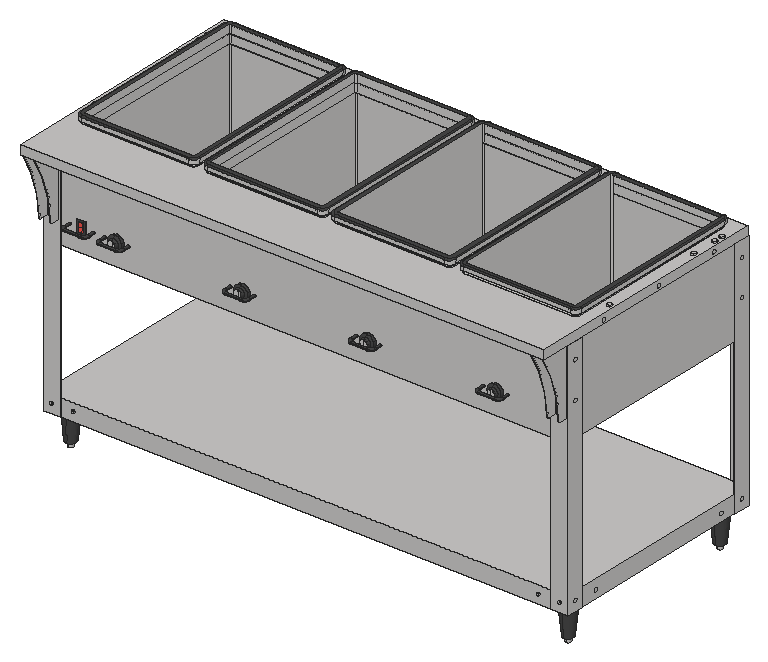
Revit family "QF_VOLLRATH_38218_SERVEWELL_SL_HOT_FOOD_TABLE", category Specialty Equipment, Revit 2022
Family settings
  Round Connector Dimension = Use Diameter
  Part Type = Normal
  Work Plane-Based = No
  Always vertical = Yes
  Cut with Voids When Loaded = No
  Maintain Annotation Orientation = No
  Shared = No
  Room Calculation Point = No
Parameters
  Weight in Pounds = 0
  Watts = 600 W
  Volts = 208 V
  URL Cutsheet = ""
  Specification by User = ""
  Specification by Manufacturer = ""
  Serial Number = ""
  Seismic Rating = ""
  SMACNA No = ""
  Revision Code = ""
  Phase = 1
  Number of Poles = 1
  NAFEM Spec ID Number = ""
  Model = "38218"
  Min Ckt Ampacity = 0 A
  Max Overcurrent Protection = 0 A
  Masterspec = ""
  Manufacturer = "VOLLRATH"
  Length = 60 11/16"
  Item Number = ""
  Installed By = ""
  Identify Quantity as Lot = yes
  Height = 34"
  HP = ""
  Furnished By = ""
  Foodservice Equipment Identifier = yes
  FL Amps = 20 A
  Electrical Remarks = ""
  Electric Connection Type = ""
  Elec Conn RI Height = 0"
  Elec Conn Connection Height = 0"
  Description = "SERVEWELL SL HOT FOOD TABLE"
  Depth = 29 1/2"
  Default Elevation = 0"
  Cycle = 0 Hz
  Conn Plug = "NEMA 6-20P"
  Conn Conduit = yes
  CSI MasterFormat = ""
  Apparent Power = if(Phase = 3, Volts * FL Amps * 1.73, Volts * FL Amps)  # 4160 VA
Reference planes (in)
  plane 1 "BACK": y = 0
  plane 2: z = 0
  plane 3 "LEFT": x = 0
  plane 4 "RIGHT": x = 60.6875
  plane 5 "FRONT": y = -29.5
  plane 6 "TOP": z = 34
  plane 7 "Center Y": x = 30.34375
  plane 8 "Center X": y = -14.75
Dimensions and locks (in)
  equal spacing: plane 3 "LEFT", plane 7 "Center Y", plane 4 "RIGHT"
  "Length": plane 3 "LEFT" to plane 4 "RIGHT"
  equal spacing: plane 5 "FRONT", plane 8 "Center X", plane 1 "BACK"
  "Depth": plane 5 "FRONT" to plane 1 "BACK"
  "Height": plane 6 "TOP" to level
  nested 1 to level = 4"
  plane 4 "RIGHT" to plane 3 "LEFT" = 60 11/16"
  aligned and locked: level to plane 2
Nested families (in)
  nested 1: "QF_VOLLRATH_38203" at (0, 0, 0), type "QF_VOLLRATH_38203"
Connectors (in)
  electrical at (4.37729, -23.99392, 21.75393)
    settings: on nested 1, index 1, voltage 120 V, apparent load 0 VA, apparent load phase1 0 VA, apparent load phase2 0 VA, apparent load phase3 0 VA, power factor 1, load classification "Other", number of poles 1, system type 30, power factor state 1, is connector primary yes, connector utility no, sub classification motor no, connector description "ELECTRICAL CONNECTION"
Definition of nested family "QF_VOLLRATH_38203"
  Parameters (values of type "QF_VOLLRATH_38203")
    Weight in Pounds = 0
    Watts = 480 W
    Volts = 120 V
    URL Cutsheet = ""
    Specification by User = ""
    Specification by Manufacturer = ""
    Serial Number = ""
    Seismic Rating = ""
    SMACNA No = ""
    Revision Code = ""
    Phase = 0
    Number of Poles = 1
    NAFEM Spec ID Number = ""
    Model = "38204"
    Min Ckt Ampacity = 0 A
    Max Overcurrent Protection = 0 A
    Masterspec = ""
    Manufacturer = "VOLLRATH"
    Length = 60 11/16"
    Item Number = ""
    Installed By = ""
    Identify Quantity as Lot = yes
    Height = 34"
    HP = ""
    Furnished By = ""
    Foodservice Equipment Identifier = yes
    FL Amps = 15 A
    Electrical Remarks = ""
    Electric Connection Type = ""
    Elec Conn RI Height = 0"
    Elec Conn Connection Height = 0"
    Description = "SERVEWELL SL HOT FOOD TABLE"
    Depth = 29 1/2"
    Default Elevation = 0"
    Cycle = 0 Hz
    Conn Plug = "NEMA 5-20P"
    Conn Conduit = yes
    CSI MasterFormat = ""
    Apparent Power = if(Phase = 3, Volts * FL Amps * 1.73, Volts * FL Amps)  # 1800 VA
  Reference planes (in)
    plane 1 "BACK": y = 0
    plane 2: z = 0
    plane 3 "LEFT": x = 0
    plane 4 "RIGHT": x = 60.6875
    plane 5 "FRONT": y = -29.5
    plane 6 "TOP": z = 34
    plane 7 "Center Y": x = 30.34375
    plane 8 "Center X": y = -14.75
    plane 9: z = 4
    plane 10: y = -26
    plane 11: z = 6
    plane 12: x = 1.5
    plane 13: y = -18.1465
    plane 14: x = 59.1875
  Forms (in)
    Extrusion 1, solid
      sketch origin (-38.39759, -180, 34) x (-1, 0, 0) y (0, -1, 0)
        loop
          line (-38.39759, -180) -> (-38.39759, -150.5) -> (-99.08509, -150.5) -> (-99.08509, -180) -> (-38.39759, -180)
        loop
          arc (-53.31185, -178.35363) -> (-53.26608, -178.46411) -> (-53.1556, -178.50988) r 0.15625
          line (-53.1556, -178.50988) -> (-40.4056, -178.50988)
          arc (-40.4056, -178.50988) -> (-40.29511, -178.46411) -> (-40.24935, -178.35363) r 0.15625
          line (-40.24935, -178.35363) -> (-40.24935, -157.60363)
          arc (-40.24935, -157.60363) -> (-40.29511, -157.49314) -> (-40.4056, -157.44738) r 0.15625
          line (-40.4056, -157.44738) -> (-53.1556, -157.44738)
          arc (-53.1556, -157.44738) -> (-53.26608, -157.49314) -> (-53.31185, -157.60363) r 0.15625
          line (-53.31185, -157.60363) -> (-53.31185, -178.35363)
        loop
          line (-54.82709, -178.35363) -> (-54.82709, -157.60363)
          arc (-54.82709, -157.60363) -> (-54.87285, -157.49314) -> (-54.98334, -157.44738) r 0.15625
          line (-54.98334, -157.44738) -> (-67.73334, -157.44738)
          arc (-67.73334, -157.44738) -> (-67.84382, -157.49314) -> (-67.88959, -157.60363) r 0.15625
          line (-67.88959, -157.60363) -> (-67.88959, -178.35363)
          arc (-67.88959, -178.35363) -> (-67.84382, -178.46411) -> (-67.73334, -178.50988) r 0.15625
          line (-67.73334, -178.50988) -> (-54.98334, -178.50988)
          arc (-54.98334, -178.50988) -> (-54.87285, -178.46411) -> (-54.82709, -178.35363) r 0.15625
        loop
          arc (-69.57709, -157.60363) -> (-69.62285, -157.49314) -> (-69.73334, -157.44738) r 0.15625
          line (-69.73334, -157.44738) -> (-82.48334, -157.44738)
          arc (-82.48334, -157.44738) -> (-82.59382, -157.49314) -> (-82.63959, -157.60363) r 0.15625
          line (-82.63959, -157.60363) -> (-82.63959, -178.35363)
          arc (-82.63959, -178.35363) -> (-82.59382, -178.46411) -> (-82.48334, -178.50988) r 0.15625
          line (-82.48334, -178.50988) -> (-69.73334, -178.50988)
          arc (-69.73334, -178.50988) -> (-69.62285, -178.46411) -> (-69.57709, -178.35363) r 0.15625
          line (-69.57709, -178.35363) -> (-69.57709, -157.60363)
        loop
          arc (-84.17084, -157.60363) -> (-84.2166, -157.49314) -> (-84.32709, -157.44738) r 0.15625
          line (-84.32709, -157.44738) -> (-97.07709, -157.44738)
          arc (-97.07709, -157.44738) -> (-97.18757, -157.49314) -> (-97.23334, -157.60363) r 0.15625
          line (-97.23334, -157.60363) -> (-97.23334, -178.35363)
          arc (-97.23334, -178.35363) -> (-97.18757, -178.46411) -> (-97.07709, -178.50988) r 0.15625
          line (-97.07709, -178.50988) -> (-84.32709, -178.50988)
          arc (-84.32709, -178.50988) -> (-84.2166, -178.46411) -> (-84.17084, -178.35363) r 0.15625
          line (-84.17084, -178.35363) -> (-84.17084, -157.60363)
      from -0.90354 to -1.94773
    Extrusion 2, solid
      sketch origin (0, 0, 0) x (1, 0, 0) y (0, 1, 0)
        loop
          line (0, -26) -> (60.6875, -26) -> (60.6875, 0) -> (0, 0) -> (0, -26)
        loop
          arc (14.91425, -1.64637) -> (14.86849, -1.53589) -> (14.758, -1.49012) r 0.15625
          line (14.758, -1.49012) -> (2.008, -1.49012)
          arc (2.008, -1.49012) -> (1.89752, -1.53589) -> (1.85175, -1.64637) r 0.15625
          line (1.85175, -1.64637) -> (1.85175, -22.39637)
          arc (1.85175, -22.39637) -> (1.89752, -22.50686) -> (2.008, -22.55262) r 0.15625
          line (2.008, -22.55262) -> (14.758, -22.55262)
          arc (14.758, -22.55262) -> (14.86849, -22.50686) -> (14.91425, -22.39637) r 0.15625
          line (14.91425, -22.39637) -> (14.91425, -1.64637)
        loop
          arc (16.4455, -22.39637) -> (16.49127, -22.50686) -> (16.60175, -22.55262) r 0.15625
          line (16.60175, -22.55262) -> (29.35175, -22.55262)
          arc (29.35175, -22.55262) -> (29.46224, -22.50686) -> (29.508, -22.39637) r 0.15625
          line (29.508, -22.39637) -> (29.508, -1.64637)
          arc (29.508, -1.64637) -> (29.46224, -1.53589) -> (29.35175, -1.49012) r 0.15625
          line (29.35175, -1.49012) -> (16.60175, -1.49012)
          arc (16.60175, -1.49012) -> (16.49127, -1.53589) -> (16.4455, -1.64637) r 0.15625
          line (16.4455, -1.64637) -> (16.4455, -22.39637)
        loop
          line (45.77325, -1.64637) -> (45.77325, -22.39637)
          arc (45.77325, -22.39637) -> (45.81901, -22.50686) -> (45.9295, -22.55262) r 0.15625
          line (45.9295, -22.55262) -> (58.6795, -22.55262)
          arc (58.6795, -22.55262) -> (58.78998, -22.50686) -> (58.83575, -22.39637) r 0.15625
          line (58.83575, -22.39637) -> (58.83575, -1.64637)
          arc (58.83575, -1.64637) -> (58.78998, -1.53589) -> (58.6795, -1.49012) r 0.15625
          line (58.6795, -1.49012) -> (45.9295, -1.49012)
          arc (45.9295, -1.49012) -> (45.81901, -1.53589) -> (45.77325, -1.64637) r 0.15625
        loop
          line (44.242, -22.39637) -> (44.242, -1.64637)
          arc (44.242, -1.64637) -> (44.19623, -1.53589) -> (44.08575, -1.49012) r 0.15625
          line (44.08575, -1.49012) -> (31.33575, -1.49012)
          arc (31.33575, -1.49012) -> (31.22526, -1.53589) -> (31.1795, -1.64637) r 0.15625
          line (31.1795, -1.64637) -> (31.1795, -22.39637)
          arc (31.1795, -22.39637) -> (31.22526, -22.50686) -> (31.33575, -22.55262) r 0.15625
          line (31.33575, -22.55262) -> (44.08575, -22.55262)
          arc (44.08575, -22.55262) -> (44.19623, -22.50686) -> (44.242, -22.39637) r 0.15625
      from 21.87893 to 32.05227
    Extrusion 3, solid
      sketch origin (0, 0, 0) x (1, 0, 0) y (0, 1, 0)
        loop
          line (-0.0625, -26.0625) -> (1.9375, -26.0625) -> (1.9375, -26) -> (0, -26) -> (0, -24.0625) -> (-0.0625, -24.0625) -> (-0.0625, -26.0625)
        loop
          line (60.75, -26.0625) -> (60.75, -24.0625) -> (60.6875, -24.0625) -> (60.6875, -26) -> (58.75, -26) -> (58.75, -26.0625) -> (60.75, -26.0625)
        loop
          line (-0.0625, 0.0625) -> (-0.0625, -1.9375) -> (0, -1.9375) -> (0, 0) -> (1.9375, 0) -> (1.9375, 0.0625) -> (-0.0625, 0.0625)
        loop
          line (60.75, 0.0625) -> (58.75, 0.0625) -> (58.75, 0) -> (60.6875, 0) -> (60.6875, -1.9375) -> (60.75, -1.9375) -> (60.75, 0.0625)
      from 4 to 32.05227
    Extrusion 4, solid
      sketch origin (0, -180, 4) x (-1, 0, 0) y (0, -1, 0)
        loop
          line (0, -180) -> (0, -154) -> (-60.6875, -154) -> (-60.6875, -180) -> (0, -180)
      from 0 to 2
    Revolve 5, solid
      sketch origin (59.1875, 0, 0) x (0, 1, 0) y (0, 0, -1)
        loop
          line (-24.0625, -4) -> (-24.0625, 0) -> (-24.34375, 0) -> (-24.34375, -0.5625) -> (-24.69114, -0.5625) -> (-24.99188, -4) -> (-24.0625, -4)
        axis (-24.0625, -4) -> (-24.0625, 0)
      angle from 0 to 360
    Sweep 6, solid
      path origin (0, 0, 0) x (1, 0, 0) y (0, 1, 0)
        loop
          arc (2.008, -1.14637) -> (1.65445, -1.29282) -> (1.508, -1.64637) r 0.5
          line (1.508, -1.64637) -> (1.508, -22.39637)
          arc (1.508, -22.39637) -> (1.65445, -22.74993) -> (2.008, -22.89637) r 0.5
          line (2.008, -22.89637) -> (14.41425, -22.89637)
          arc (14.41425, -22.89637) -> (14.76781, -22.74993) -> (14.91425, -22.39637) r 0.5
          line (14.91425, -22.39637) -> (14.91425, -1.64637)
          arc (14.91425, -1.64637) -> (14.76781, -1.29282) -> (14.41425, -1.14637) r 0.5
          line (14.41425, -1.14637) -> (2.008, -1.14637)
      profile origin (8.21113, -1.14637, 0) x (0, 1, 0) y (0, 0, 1)
        loop
          arc (0.21875, 33.86984) -> (0.18063, 33.96188) -> (0.08859, 34) r 0.13016
          line (0.08859, 34) -> (-0.34375, 34) -> (-0.34375, 21.87893) -> (0, 21.87893) -> (0, 33.09646)
          arc (0, 33.09646) -> (-0.07256, 33.26176) -> (-0.03125, 33.4375) r 0.285
          line (-0.03125, 33.4375) -> (0.21875, 33.4375) -> (0.21875, 33.86984)
    Sweep 7, solid
      path origin (7.23399, 0, 0) x (1, 0, 0) y (0, 1, 0)
        loop
          arc (9.35175, -1.14637) -> (8.9982, -1.29282) -> (8.85175, -1.64637) r 0.5
          line (8.85175, -1.64637) -> (8.85175, -22.39637)
          arc (8.85175, -22.39637) -> (8.9982, -22.74993) -> (9.35175, -22.89637) r 0.5
          line (9.35175, -22.89637) -> (22.10175, -22.89637)
          arc (22.10175, -22.89637) -> (22.45531, -22.74993) -> (22.60175, -22.39637) r 0.5
          line (22.60175, -22.39637) -> (22.60175, -1.64637)
          arc (22.60175, -1.64637) -> (22.45531, -1.29282) -> (22.10175, -1.14637) r 0.5
          line (22.10175, -1.14637) -> (9.35175, -1.14637)
      profile origin (22.96075, -1.14637, 0) x (0, 1, 0) y (0, 0, 1)
        loop
          arc (0.21875, 33.86984) -> (0.18063, 33.96188) -> (0.08859, 34) r 0.13016
          line (0.08859, 34) -> (-0.34375, 34) -> (-0.34375, 21.87893) -> (0, 21.87893) -> (0, 33.09646)
          arc (0, 33.09646) -> (-0.07256, 33.26176) -> (-0.03125, 33.4375) r 0.285
          line (-0.03125, 33.4375) -> (0.21875, 33.4375) -> (0.21875, 33.86984)
    Extrusion 8, solid
      sketch origin (0, 0, 0) x (0, 1, 0) y (0, 0, 1)
        loop
          arc (-29.38523, 32.05227) -> (-27.76168, 28.48926) -> (-27.05801, 24.63752) r 15.90135
          arc (-27.05801, 24.63752) -> (-26.98006, 24.47007) -> (-26.80842, 24.40183) r 0.25
          line (-26.80842, 24.40183) -> (-26.0625, 24.40183) -> (-26.0625, 32.05227) -> (-29.38523, 32.05227)
      from 0.19267 to 0.26943
    Extrusion 9, solid
      sketch origin (1.38301, 0, 0) x (0, 1, 0) y (0, 0, 1)
        loop
          arc (-29.38523, 32.05227) -> (-27.76168, 28.48926) -> (-27.05801, 24.63752) r 15.90135
          arc (-27.05801, 24.63752) -> (-26.98006, 24.47007) -> (-26.80842, 24.40183) r 0.25
          line (-26.80842, 24.40183) -> (-26.0625, 24.40183) -> (-26.0625, 32.05227) -> (-29.38523, 32.05227)
      from 0.12501 to 0.21028
    Revolve 10, solid
      sketch origin (8.383, 0.0625, 0) x (0, 1, 0) y (0, 0, 1)
        loop
          line (-26.0625, 24.44451) -> (-26.0625, 25.25473) -> (-26.36725, 25.25473) -> (-26.50448, 24.94383) -> (-26.8125, 24.8613) -> (-26.8125, 24.44451) -> (-26.0625, 24.44451)
        axis (-26.8125, 24.44451) -> (-26.0625, 24.44451)
      angle from 0 to 360
    Sweep 11, solid
      path origin (0, 0, 0) x (1, 0, 0) y (0, 1, 0)
        loop
          line (7, -26) -> (7, -26.83521)
          arc (7, -26.83521) -> (7.12149, -27.12851) -> (7.41479, -27.25) r 0.41479
          line (7.41479, -27.25) -> (9.33594, -27.25)
          arc (9.33594, -27.25) -> (9.62872, -27.12872) -> (9.75, -26.83594) r 0.41406
          line (9.75, -26.83594) -> (9.75, -26)
      profile origin (8.37537, -27.25, 0) x (0, 1, 0) y (0, 0, 1)
        loop
          circle (0, 24.4375) r 0.125
    Revolve 12, solid
      sketch origin (23, 0.0625, 0) x (0, 1, 0) y (0, 0, 1)
        loop
          line (-26.0625, 24.44451) -> (-26.0625, 25.25473) -> (-26.36725, 25.25473) -> (-26.50448, 24.94383) -> (-26.8125, 24.8613) -> (-26.8125, 24.44451) -> (-26.0625, 24.44451)
        axis (-26.8125, 24.44451) -> (-26.0625, 24.44451)
      angle from 0 to 360
    Sweep 13, solid
      path origin (7.242, 0, 0) x (1, 0, 0) y (0, 1, 0)
        loop
          line (14.34375, -26) -> (14.34375, -26.83521)
          arc (14.34375, -26.83521) -> (14.46524, -27.12851) -> (14.75854, -27.25) r 0.41479
          line (14.75854, -27.25) -> (16.67969, -27.25)
          arc (16.67969, -27.25) -> (16.97247, -27.12872) -> (17.09375, -26.83594) r 0.41406
          line (17.09375, -26.83594) -> (17.09375, -26)
      profile origin (22.96111, -27.25, 0) x (0, 1, 0) y (0, 0, 1)
        loop
          circle (0, 24.4375) r 0.125
    Revolve 14, solid
      sketch origin (37.617, 0.0625, 0) x (0, 1, 0) y (0, 0, -1)
        loop
          line (-26.0625, -24.44451) -> (-26.8125, -24.44451) -> (-26.8125, -24.8613) -> (-26.50448, -24.94383) -> (-26.36725, -25.25473) -> (-26.0625, -25.25473) -> (-26.0625, -24.44451)
        axis (-26.8125, -24.44451) -> (-26.0625, -24.44451)
      angle from 0 to 360
    Sweep 15, solid
      path origin (46, 0, 0) x (-1, 0, 0) y (0, -1, 0)
        loop
          line (-7.6875, 26) -> (-7.6875, 26.83521)
          arc (-7.6875, 26.83521) -> (-7.56601, 27.12851) -> (-7.27271, 27.25) r 0.41479
          line (-7.27271, 27.25) -> (-5.35156, 27.25)
          arc (-5.35156, 27.25) -> (-5.05878, 27.12872) -> (-4.9375, 26.83594) r 0.41406
          line (-4.9375, 26.83594) -> (-4.9375, 26)
      profile origin (52.31213, -27.25, 0) x (0, -1, 0) y (0, 0, 1)
        loop
          circle (0, 24.4375) r 0.125
    Extrusion 16, solid
      sketch origin (0, -26, 0) x (1, 0, 0) y (0, 0, 1)
        loop
          line (3.81326, 25.25117) -> (3.81326, 23.75117) -> (4.81326, 23.75117) -> (4.81326, 25.25117) -> (3.81326, 25.25117)
        loop
          line (4.10495, 25.04634) -> (4.10495, 24.03072) -> (4.52019, 24.03072) -> (4.52019, 25.04634) -> (4.10495, 25.04634)
      from 0 to 0.0625
    Extrusion 17, solid
      sketch origin (4.10495, -26, 24.53072) x (0, 0, 1) y (0, -1, 0)
        loop
          line (0.51563, 0.0625) -> (0.51563, 0.12731) -> (0.05202, 0.12731) -> (-0.49994, 0.20488) -> (-0.49994, 0.0625) -> (0.51563, 0.0625)
      from 0 to 0.41524
    Sweep 18, solid
      path origin (-4.03125, 0, 0) x (1, 0, 0) y (0, 1, 0)
        loop
          line (7, -26) -> (7, -26.83521)
          arc (7, -26.83521) -> (7.12149, -27.12851) -> (7.41479, -27.25) r 0.41479
          line (7.41479, -27.25) -> (9.33594, -27.25)
          arc (9.33594, -27.25) -> (9.62872, -27.12872) -> (9.75, -26.83594) r 0.41406
          line (9.75, -26.83594) -> (9.75, -26)
      profile origin (4.34412, -27.25, 0) x (0, 1, 0) y (0, 0, 1)
        loop
          circle (0, 24.4375) r 0.125
    Extrusion 19, solid
      sketch origin (0, 0, 21.87893) x (0, 1, 0) y (1, 0, 0)
        loop
          circle (-19.65638, 8.32444) r 0.5
        loop
          line (-22.39637, 1.85175) -> (-1.64637, 1.85175)
          arc (-1.64637, 1.85175) -> (-1.53589, 1.89752) -> (-1.49012, 2.008) r 0.15625
          line (-1.49012, 2.008) -> (-1.49012, 14.758)
          arc (-1.49012, 14.758) -> (-1.53589, 14.86849) -> (-1.64637, 14.91425) r 0.15625
          line (-1.64637, 14.91425) -> (-22.39637, 14.91425)
          arc (-22.39637, 14.91425) -> (-22.50686, 14.86849) -> (-22.55262, 14.758) r 0.15625
          line (-22.55262, 14.758) -> (-22.55262, 2.008)
          arc (-22.55262, 2.008) -> (-22.50686, 1.89752) -> (-22.39637, 1.85175) r 0.15625
        loop
          circle (-19.65638, 23.01931) r 0.5
        loop
          arc (-22.39637, 29.492) -> (-22.50686, 29.44623) -> (-22.55262, 29.33575) r 0.15625
          line (-22.55262, 29.33575) -> (-22.55262, 16.58575)
          arc (-22.55262, 16.58575) -> (-22.50686, 16.47526) -> (-22.39637, 16.4295) r 0.15625
          line (-22.39637, 16.4295) -> (-1.64637, 16.4295)
          arc (-1.64637, 16.4295) -> (-1.53589, 16.47526) -> (-1.49012, 16.58575) r 0.15625
          line (-1.49012, 16.58575) -> (-1.49012, 29.33575)
          arc (-1.49012, 29.33575) -> (-1.53589, 29.44623) -> (-1.64637, 29.492) r 0.15625
          line (-1.64637, 29.492) -> (-22.39637, 29.492)
        loop
          circle (-19.65638, 52.36306) r 0.5
        loop
          arc (-22.39637, 58.83575) -> (-22.50686, 58.78998) -> (-22.55262, 58.6795) r 0.15625
          line (-22.55262, 58.6795) -> (-22.55262, 45.9295)
          arc (-22.55262, 45.9295) -> (-22.50686, 45.81901) -> (-22.39637, 45.77325) r 0.15625
          line (-22.39637, 45.77325) -> (-1.64637, 45.77325)
          arc (-1.64637, 45.77325) -> (-1.53589, 45.81901) -> (-1.49012, 45.9295) r 0.15625
          line (-1.49012, 45.9295) -> (-1.49012, 58.6795)
          arc (-1.49012, 58.6795) -> (-1.53589, 58.78998) -> (-1.64637, 58.83575) r 0.15625
          line (-1.64637, 58.83575) -> (-22.39637, 58.83575)
        loop
          circle (-19.65638, 37.66819) r 0.5
        loop
          line (-22.39637, 31.1955) -> (-1.64637, 31.1955)
          arc (-1.64637, 31.1955) -> (-1.53589, 31.24127) -> (-1.49012, 31.35175) r 0.15625
          line (-1.49012, 31.35175) -> (-1.49012, 44.10175)
          arc (-1.49012, 44.10175) -> (-1.53589, 44.21224) -> (-1.64637, 44.258) r 0.15625
          line (-1.64637, 44.258) -> (-22.39637, 44.258)
          arc (-22.39637, 44.258) -> (-22.50686, 44.21224) -> (-22.55262, 44.10175) r 0.15625
          line (-22.55262, 44.10175) -> (-22.55262, 31.35175)
          arc (-22.55262, 31.35175) -> (-22.50686, 31.24127) -> (-22.39637, 31.1955) r 0.15625
      from 0 to -0.48173
    Extrusion 20, solid
      sketch origin (-38.39759, -180, 33.09646) x (-1, 0, 0) y (0, -1, 0)
        loop
          circle (-38.90258, -176.94303) r 0.25
        loop
          circle (-38.90258, -175.89791) r 0.25
        loop
          circle (-38.93459, -172.90202) r 0.25
        loop
          circle (-38.96584, -160.74577) r 0.25
      from 0 to 0.0625
    Extrusion 21, solid
      sketch origin (0.1875, 0, 21.87893) x (0, 1, 0) y (1, 0, 0)
        loop
          circle (-23.99392, 4.18979) r 0.5
      from 0 to 0.125
    Extrusion 22, solid
      sketch origin (0, 0, 21.87893) x (0, 1, 0) y (1, 0, 0)
        loop
          circle (-19.65551, 8.32474) r 0.5
        loop
          circle (-19.65551, 52.36276) r 0.5
        loop
          circle (-19.65551, 23.02344) r 0.5
        loop
          circle (-19.65551, 37.66406) r 0.5
        loop
          circle (-19.65551, 8.32474) r 0.5625
        loop
          circle (-19.65551, 23.02344) r 0.5625
        loop
          circle (-19.65551, 37.66406) r 0.5625
        loop
          circle (-19.65551, 52.36276) r 0.5625
      from 0 to 2
    Extrusion 23, solid
      sketch origin (0, 0, 0) x (1, 0, 0) y (0, 0, 1)
        loop
          arc (8.11974, 21.11331) -> (7.98829, 20.87122) -> (8.15928, 20.65522) r 0.25
          line (8.15928, 20.65522) -> (8.15928, 19.87893) -> (8.44974, 19.87893) -> (8.44974, 20.65323)
          arc (8.44974, 20.65323) -> (8.62739, 20.87543) -> (8.48208, 21.12001) r 0.25
          line (8.48208, 21.12001) -> (8.48208, 21.37213) -> (8.11974, 21.37213) -> (8.11974, 21.11331)
      from 20.74955 to 20.32975
    Extrusion 24, solid
      sketch origin (0, 0, 0) x (1, 0, 0) y (0, 0, 1)
        loop
          circle (8.30179, 20.88613) r 0.25
      from 20.15525 to 20.32975
    Extrusion 25, solid
      sketch origin (7.39541, 0, 0) x (1, 0, 0) y (0, 0, 1)
        loop
          arc (15.46349, 21.11331) -> (15.33204, 20.87122) -> (15.50303, 20.65522) r 0.25
          line (15.50303, 20.65522) -> (15.50303, 19.87893) -> (15.79349, 19.87893) -> (15.79349, 20.65323)
          arc (15.79349, 20.65323) -> (15.97114, 20.87543) -> (15.82583, 21.12001) r 0.25
          line (15.82583, 21.12001) -> (15.82583, 21.37213) -> (15.46349, 21.37213) -> (15.46349, 21.11331)
      from 20.74955 to 20.32975
    Extrusion 26, solid
      sketch origin (7.40222, 0, 0) x (1, 0, 0) y (0, 0, 1)
        loop
          circle (15.64554, 20.88613) r 0.25
      from 20.15525 to 20.32975
    Extrusion 27, solid
      sketch origin (29.38659, 0, 0) x (1, 0, 0) y (0, 0, 1)
        loop
          arc (22.80724, 21.11331) -> (22.67579, 20.87122) -> (22.84678, 20.65522) r 0.25
          line (22.84678, 20.65522) -> (22.84678, 19.87893) -> (23.13724, 19.87893) -> (23.13724, 20.65323)
          arc (23.13724, 20.65323) -> (23.31489, 20.87543) -> (23.16958, 21.12001) r 0.25
          line (23.16958, 21.12001) -> (23.16958, 21.37213) -> (22.80724, 21.37213) -> (22.80724, 21.11331)
      from 20.74955 to 20.32975
    Extrusion 28, solid
      sketch origin (29.38659, 0, 0) x (1, 0, 0) y (0, 0, 1)
        loop
          circle (22.98929, 20.88613) r 0.25
      from 20.15525 to 20.32975
    Extrusion 29, solid
      sketch origin (60.6875, 0, 34) x (0, -1, 0) y (0, 0, -1)
        loop
          circle (25.09699, 3.76064) r 0.17669
        loop
          circle (25.09699, 8.01064) r 0.17669
        loop
          circle (25.09699, 28.76064) r 0.17669
        loop
          circle (22.10841, 29.02211) r 0.17669
        loop
          circle (3.92282, 29.02211) r 0.17669
        loop
          circle (0.93013, 28.81284) r 0.17669
        loop
          circle (0.93013, 7.8989) r 0.17669
        loop
          circle (0.93013, 3.74659) r 0.17669
        loop
          circle (20.96222, 1.42378) r 0.17669
        loop
          circle (12.96222, 1.42378) r 0.17669
        loop
          circle (4.96222, 1.42378) r 0.17669
      from 0 to 0.125
    Extrusion 30, solid
      sketch origin (0, 0, 34) x (0, -1, 0) y (0, 0, 1)
        loop
          circle (25.09699, -3.76064) r 0.17669
        loop
          circle (25.09699, -8.01064) r 0.17669
        loop
          circle (25.09699, -28.76064) r 0.17669
        loop
          circle (22.10841, -29.02211) r 0.17669
        loop
          circle (3.92282, -29.02211) r 0.17669
        loop
          circle (0.93013, -28.81284) r 0.17669
        loop
          circle (0.93013, -7.8989) r 0.17669
        loop
          circle (0.93013, -3.74659) r 0.17669
        loop
          circle (20.96222, -1.42378) r 0.17669
        loop
          circle (12.96222, -1.42378) r 0.17669
        loop
          circle (4.96222, -1.42378) r 0.17669
      from 0 to 0.125
    Extrusion 31, solid
      sketch origin (60.75, -26.0625, 0) x (-1, 0, 0) y (0, 0, -1)
        loop
          circle (0.93848, -30.25949) r 0.14866
        loop
          circle (0.93848, -26.00949) r 0.14866
        loop
          circle (0.93848, -5.09351) r 0.14866
        loop
          circle (3.43848, -5.09351) r 0.14866
        loop
          circle (59.87402, -30.25949) r 0.14866
        loop
          circle (59.87402, -26.00949) r 0.14866
        loop
          circle (59.87402, -5.09351) r 0.14866
        loop
          circle (57.37402, -5.09351) r 0.14866
      from 0 to 0.0625
    Revolve 32, solid
      sketch origin (1.5, 0, 0) x (0, 1, 0) y (0, 0, 1)
        loop
          line (-24.0625, 4) -> (-24.99188, 4) -> (-24.69114, 0.5625) -> (-24.34375, 0.5625) -> (-24.34375, 0) -> (-24.0625, 0) -> (-24.0625, 4)
        axis (-24.0625, 4) -> (-24.0625, 0)
      angle from 0 to 360
    Revolve 33, solid
      sketch origin (1.5, -26.125, 0) x (0, -1, 0) y (0, 0, -1)
        loop
          line (-24.0625, -4) -> (-24.0625, 0) -> (-24.34375, 0) -> (-24.34375, -0.5625) -> (-24.69114, -0.5625) -> (-24.99188, -4) -> (-24.0625, -4)
        axis (-24.0625, -4) -> (-24.0625, 0)
      angle from 0 to 360
    Revolve 34, solid
      sketch origin (59.1875, -26.125, 0) x (0, -1, 0) y (0, 0, 1)
        loop
          line (-24.0625, 4) -> (-24.99188, 4) -> (-24.69114, 0.5625) -> (-24.34375, 0.5625) -> (-24.34375, 0) -> (-24.0625, 0) -> (-24.0625, 4)
        axis (-24.0625, 4) -> (-24.0625, 0)
      angle from 0 to 360
    Blend 35, solid
      base sketch origin (0, 0, 0) x (1, 0, 0) y (0, 1, 0)
        loop
          line (54.75023, -18.1465) -> (54.75023, -23.02664) -> (59.25023, -23.02664) -> (59.25023, -18.1465) -> (54.75023, -18.1465)
      top sketch origin (0, 0, 0) x (1, 0, 0) y (0, 1, 0)
        loop
          line (55.25023, -22.52664) -> (58.75023, -22.52664) -> (58.75023, -18.6465) -> (55.25023, -18.6465) -> (55.25023, -22.52664)
      from 4 to 3.30089
    Blend 36, solid
      base sketch origin (46, 0, 0) x (-1, 0, 0) y (0, -1, 0)
        loop
          line (40.06273, 18.1465) -> (44.56273, 18.1465) -> (44.56273, 23.02664) -> (40.06273, 23.02664) -> (40.06273, 18.1465)
      top sketch origin (46, 0, 0) x (-1, 0, 0) y (0, -1, 0)
        loop
          line (40.56273, 22.52664) -> (40.56273, 18.6465) -> (44.06273, 18.6465) -> (44.06273, 22.52664) -> (40.56273, 22.52664)
      from 4 to 3.30089
    Blend 37, solid
      base sketch origin (0, -26.0164, 0) x (1, 0, 0) y (0, 1, 0)
        loop
          line (54.75023, 18.1465) -> (59.25023, 18.1465) -> (59.25023, 23.02664) -> (54.75023, 23.02664) -> (54.75023, 18.1465)
      top sketch origin (0, -26.0164, 0) x (1, 0, 0) y (0, 1, 0)
        loop
          line (55.25023, 22.52664) -> (55.25023, 18.6465) -> (58.75023, 18.6465) -> (58.75023, 22.52664) -> (55.25023, 22.52664)
      from 4 to 3.30089
    Blend 38, solid
      base sketch origin (46, -26.0164, 0) x (-1, 0, 0) y (0, -1, 0)
        loop
          line (40.06273, -18.1465) -> (40.06273, -23.02664) -> (44.56273, -23.02664) -> (44.56273, -18.1465) -> (40.06273, -18.1465)
      top sketch origin (46, -26.0164, 0) x (-1, 0, 0) y (0, -1, 0)
        loop
          line (40.56273, -22.52664) -> (44.06273, -22.52664) -> (44.06273, -18.6465) -> (40.56273, -18.6465) -> (40.56273, -22.52664)
      from 4 to 3.30089
    Extrusion 39, solid
      sketch origin (60.6875, 0, 0) x (0, 1, 0) y (0, 0, -1)
        loop
          line (-29.38523, -32.05227) -> (-26.0625, -32.05227) -> (-26.0625, -24.40183) -> (-26.80842, -24.40183)
          arc (-26.80842, -24.40183) -> (-26.98006, -24.47007) -> (-27.05801, -24.63752) r 0.25
          arc (-27.05801, -24.63752) -> (-27.76168, -28.48926) -> (-29.38523, -32.05227) r 15.90135
      from 0.19267 to 0.26943
    Extrusion 40, solid
      sketch origin (59.30449, 0, 0) x (0, 1, 0) y (0, 0, -1)
        loop
          line (-29.38523, -32.05227) -> (-26.0625, -32.05227) -> (-26.0625, -24.40183) -> (-26.80842, -24.40183)
          arc (-26.80842, -24.40183) -> (-26.98006, -24.47007) -> (-27.05801, -24.63752) r 0.25
          arc (-27.05801, -24.63752) -> (-27.76168, -28.48926) -> (-29.38523, -32.05227) r 15.90135
      from 0.12501 to 0.21028
    Sweep 41, solid
      path origin (60.6875, 0, 0) x (-1, 0, 0) y (0, -1, 0)
        loop
          line (2.008, 1.14637) -> (14.41425, 1.14637)
          arc (14.41425, 1.14637) -> (14.76781, 1.29282) -> (14.91425, 1.64637) r 0.5
          line (14.91425, 1.64637) -> (14.91425, 22.39637)
          arc (14.91425, 22.39637) -> (14.76781, 22.74993) -> (14.41425, 22.89637) r 0.5
          line (14.41425, 22.89637) -> (2.008, 22.89637)
          arc (2.008, 22.89637) -> (1.65445, 22.74993) -> (1.508, 22.39637) r 0.5
          line (1.508, 22.39637) -> (1.508, 1.64637)
          arc (1.508, 1.64637) -> (1.65445, 1.29282) -> (2.008, 1.14637) r 0.5
      profile origin (52.47637, -1.14637, 0) x (0, -1, 0) y (0, 0, 1)
        loop
          line (-0.21875, 33.86984) -> (-0.21875, 33.4375) -> (0.03125, 33.4375)
          arc (0.03125, 33.4375) -> (0.07256, 33.26176) -> (0, 33.09646) r 0.285
          line (0, 33.09646) -> (0, 21.87893) -> (0.34375, 21.87893) -> (0.34375, 34) -> (-0.08859, 34)
          arc (-0.08859, 34) -> (-0.18063, 33.96188) -> (-0.21875, 33.86984) r 0.13016
    Sweep 42, solid
      path origin (53.45351, 0, 0) x (-1, 0, 0) y (0, -1, 0)
        loop
          line (9.35175, 1.14637) -> (22.10175, 1.14637)
          arc (22.10175, 1.14637) -> (22.45531, 1.29282) -> (22.60175, 1.64637) r 0.5
          line (22.60175, 1.64637) -> (22.60175, 22.39637)
          arc (22.60175, 22.39637) -> (22.45531, 22.74993) -> (22.10175, 22.89637) r 0.5
          line (22.10175, 22.89637) -> (9.35175, 22.89637)
          arc (9.35175, 22.89637) -> (8.9982, 22.74993) -> (8.85175, 22.39637) r 0.5
          line (8.85175, 22.39637) -> (8.85175, 1.64637)
          arc (8.85175, 1.64637) -> (8.9982, 1.29282) -> (9.35175, 1.14637) r 0.5
      profile origin (37.72675, -1.14637, 0) x (0, -1, 0) y (0, 0, 1)
        loop
          line (-0.21875, 33.86984) -> (-0.21875, 33.4375) -> (0.03125, 33.4375)
          arc (0.03125, 33.4375) -> (0.07256, 33.26176) -> (0, 33.09646) r 0.285
          line (0, 33.09646) -> (0, 21.87893) -> (0.34375, 21.87893) -> (0.34375, 34) -> (-0.08859, 34)
          arc (-0.08859, 34) -> (-0.18063, 33.96188) -> (-0.21875, 33.86984) r 0.13016
    Extrusion 43, solid
      sketch origin (53.29209, 0, 0) x (-1, 0, 0) y (0, 0, -1)
        loop
          line (15.46349, -21.11331) -> (15.46349, -21.37213) -> (15.82583, -21.37213) -> (15.82583, -21.12001)
          arc (15.82583, -21.12001) -> (15.97114, -20.87543) -> (15.79349, -20.65323) r 0.25
          line (15.79349, -20.65323) -> (15.79349, -19.87893) -> (15.50303, -19.87893) -> (15.50303, -20.65522)
          arc (15.50303, -20.65522) -> (15.33204, -20.87122) -> (15.46349, -21.11331) r 0.25
      from 20.74955 to 20.32975
    Extrusion 44, solid
      sketch origin (60.6875, 0, 0) x (-1, 0, 0) y (0, 0, -1)
        loop
          circle (8.30179, -20.88613) r 0.25
      from 20.15525 to 20.32975
    Extrusion 45, solid
      sketch origin (53.28528, 0, 0) x (-1, 0, 0) y (0, 0, -1)
        loop
          circle (15.64554, -20.88613) r 0.25
      from 20.15525 to 20.32975
    Revolve 46, solid
      sketch origin (52.367, 0.0625, 0) x (0, 1, 0) y (0, 0, -1)
        loop
          line (-26.0625, -24.44451) -> (-26.8125, -24.44451) -> (-26.8125, -24.8613) -> (-26.50448, -24.94383) -> (-26.36725, -25.25473) -> (-26.0625, -25.25473) -> (-26.0625, -24.44451)
        axis (-26.8125, -24.44451) -> (-26.0625, -24.44451)
      angle from 0 to 360
    Sweep 47, solid
      path origin (21.85098, 0, 0) x (1, 0, 0) y (0, 1, 0)
        loop
          line (14.34375, -26) -> (14.34375, -26.83521)
          arc (14.34375, -26.83521) -> (14.46524, -27.12851) -> (14.75854, -27.25) r 0.41479
          line (14.75854, -27.25) -> (16.67969, -27.25)
          arc (16.67969, -27.25) -> (16.97247, -27.12872) -> (17.09375, -26.83594) r 0.41406
          line (17.09375, -26.83594) -> (17.09375, -26)
      profile origin (37.57009, -27.25, 0) x (0, 1, 0) y (0, 0, 1)
        loop
          circle (0, 24.4375) r 0.125
    Extrusion 48, solid
      sketch origin (99.08509, -180, 33.09646) x (1, 0, 0) y (0, 1, 0)
        loop
          circle (-38.90258, 176.94303) r 0.25
        loop
          circle (-38.90258, 175.89791) r 0.25
        loop
          circle (-38.93459, 172.90202) r 0.25
        loop
          circle (-38.96584, 160.74577) r 0.25
      from 0 to 0.0625
  Cuts and joins
    joined: Extrusion 2, Extrusion 3, Extrusion 4
  Lines and regions (in)
    Split face 1
      outline origin (0, -26, 32.05227) x (0, 0, -1) y (1, 0, 0)
        loop
          line (6.04686, 9.36933) -> (6.48436, 9.36933) -> (6.48436, 10.36933) -> (6.04686, 10.36933) -> (6.04686, 9.36933)
    Split face 2
      outline origin (0, -26, 32.05227) x (0, 0, -1) y (1, 0, 0)
        loop
          circle (6.79224, 9.82181) r 0.16586
    Split face 3
      outline origin (0, -26, 32.05227) x (0, 0, -1) y (1, 0, 0)
        loop
          line (6.04686, 38.30683) -> (6.48436, 38.30683) -> (6.48436, 39.30683) -> (6.04686, 39.30683) -> (6.04686, 38.30683)
    Split face 4
      outline origin (0, -26, 32.05227) x (0, 0, -1) y (1, 0, 0)
        loop
          circle (6.79224, 38.79056) r 0.16586
    Split face 5
      outline origin (0, -26, 32.05227) x (0, 0, -1) y (1, 0, 0)
        loop
          line (6.04686, 53.05683) -> (6.48436, 53.05683) -> (6.48436, 54.05683) -> (6.04686, 54.05683) -> (6.04686, 53.05683)
    Split face 6
      outline origin (0, -26, 32.05227) x (0, 0, -1) y (1, 0, 0)
        loop
          circle (6.79224, 53.55618) r 0.16586
    Split face 7
      outline origin (0, -26, 32.05227) x (0, 0, -1) y (1, 0, 0)
        loop
          arc (6.95843, 13.99045) -> (6.98589, 13.92416) -> (7.05218, 13.8967) r 0.09375
          line (7.05218, 13.8967) -> (8.17718, 13.8967)
          arc (8.17718, 13.8967) -> (8.24347, 13.92416) -> (8.27093, 13.99045) r 0.09375
          line (8.27093, 13.99045) -> (8.27093, 17.92817)
          arc (8.27093, 17.92817) -> (8.24353, 17.99431) -> (8.1774, 18.0217) r 0.09353
          line (8.1774, 18.0217) -> (7.05218, 18.0217)
          arc (7.05218, 18.0217) -> (6.98589, 17.99424) -> (6.95843, 17.92795) r 0.09375
          line (6.95843, 17.92795) -> (6.95843, 13.99045)
    Split face 8
      outline origin (0, -26, 32.05227) x (0, 0, -1) y (1, 0, 0)
        loop
          line (6.04686, 23.99433) -> (6.48436, 23.99433) -> (6.48436, 24.99433) -> (6.04686, 24.99433) -> (6.04686, 23.99433)
    Split face 9
      outline origin (0, -26, 32.05227) x (0, 0, -1) y (1, 0, 0)
        loop
          circle (6.79224, 24.46081) r 0.16586
    symbolic lines
      curve 1: line (0, 0, 0) -> (0, -29.5, 0)
      curve 2: line (0, -29.5, 0) -> (60.6875, -29.5, 0)
      curve 3: line (60.6875, -29.5, 0) -> (60.6875, 0, 0)
      curve 4: line (60.6875, 0, 0) -> (0, 0, 0)
      curve 5: arc (8.32444, -19.15638, 0) -> (8.82444, -19.65638, 0) -> (8.32444, -20.15638, 0) r 0.5
      curve 6: arc (8.32444, -20.15638, 0) -> (7.82444, -19.65638, 0) -> (8.32444, -19.15638, 0) r 0.5
      curve 7: arc (0.81824, -19.25423, 0) -> (0.56824, -19.00423, 0) -> (0.31824, -19.25423, 0) r 0.25
      curve 8: arc (0.31824, -19.25423, 0) -> (0.56824, -19.50423, 0) -> (0.81824, -19.25423, 0) r 0.25
      curve 9: arc (0.78699, -7.09798, 0) -> (0.53699, -6.84798, 0) -> (0.28699, -7.09798, 0) r 0.25
      curve 10: arc (0.28699, -7.09798, 0) -> (0.53699, -7.34798, 0) -> (0.78699, -7.09798, 0) r 0.25
      curve 11: arc (0.75498, -4.10209, 0) -> (0.50498, -3.85209, 0) -> (0.25498, -4.10209, 0) r 0.25
      curve 12: arc (0.25498, -4.10209, 0) -> (0.50498, -4.35209, 0) -> (0.75498, -4.10209, 0) r 0.25
      curve 13: arc (0.25498, -3.05697, 0) -> (0.50498, -3.30697, 0) -> (0.75498, -3.05697, 0) r 0.25
      curve 14: arc (0.75498, -3.05697, 0) -> (0.50498, -2.80697, 0) -> (0.25498, -3.05697, 0) r 0.25
      curve 15: line (14.5705, -1.64637, 0) -> (14.5705, -22.39637, 0)
      curve 16: arc (14.5705, -22.39637, 0) -> (14.52474, -22.50686, 0) -> (14.41425, -22.55262, 0) r 0.15625
      curve 17: line (14.41425, -22.55262, 0) -> (2.008, -22.55262, 0)
      curve 18: arc (2.008, -22.55262, 0) -> (1.89752, -22.50686, 0) -> (1.85175, -22.39637, 0) r 0.15625
      curve 19: line (1.85175, -22.39637, 0) -> (1.85175, -1.64637, 0)
      curve 20: arc (1.85175, -1.64637, 0) -> (1.89752, -1.53589, 0) -> (2.008, -1.49012, 0) r 0.15625
      curve 21: line (2.008, -1.49012, 0) -> (14.41425, -1.49012, 0)
      curve 22: arc (14.41425, -1.49012, 0) -> (14.52474, -1.53589, 0) -> (14.5705, -1.64637, 0) r 0.15625
      curve 23: line (14.41425, -23.11512, 0) -> (2.008, -23.11512, 0)
      curve 24: arc (2.008, -23.11512, 0) -> (1.49977, -22.90461, 0) -> (1.28925, -22.39637, 0) r 0.71875
      curve 25: line (1.28925, -22.39637, 0) -> (1.28925, -1.64637, 0)
      curve 26: arc (1.28925, -1.64637, 0) -> (1.49977, -1.13814, 0) -> (2.008, -0.92762, 0) r 0.71875
      curve 27: line (2.008, -0.92762, 0) -> (14.41425, -0.92762, 0)
      curve 28: arc (14.41425, -0.92762, 0) -> (14.92249, -1.13814, 0) -> (15.133, -1.64637, 0) r 0.71875
      curve 29: line (15.133, -1.64637, 0) -> (15.133, -22.39637, 0)
      curve 30: arc (15.133, -22.39637, 0) -> (14.92249, -22.90461, 0) -> (14.41425, -23.11512, 0) r 0.71875
      curve 31: arc (23.01931, -20.15638, 0) -> (22.51931, -19.65638, 0) -> (23.01931, -19.15638, 0) r 0.5
      curve 32: arc (23.01931, -19.15638, 0) -> (23.51931, -19.65638, 0) -> (23.01931, -20.15638, 0) r 0.5
      curve 33: line (29.33575, -22.55262, 0) -> (16.58575, -22.55262, 0)
      curve 34: arc (16.58575, -22.55262, 0) -> (16.47526, -22.50686, 0) -> (16.4295, -22.39637, 0) r 0.15625
      curve 35: line (16.4295, -22.39637, 0) -> (16.4295, -1.64637, 0)
      curve 36: arc (16.4295, -1.64637, 0) -> (16.47526, -1.53589, 0) -> (16.58575, -1.49012, 0) r 0.15625
      curve 37: line (16.58575, -1.49012, 0) -> (29.33575, -1.49012, 0)
      curve 38: arc (29.33575, -1.49012, 0) -> (29.44623, -1.53589, 0) -> (29.492, -1.64637, 0) r 0.15625
      curve 39: line (29.492, -1.64637, 0) -> (29.492, -22.39637, 0)
      curve 40: arc (29.492, -22.39637, 0) -> (29.44623, -22.50686, 0) -> (29.33575, -22.55262, 0) r 0.15625
      curve 41: line (15.867, -22.39637, 0) -> (15.867, -1.64637, 0)
      curve 42: arc (15.867, -1.64637, 0) -> (16.07751, -1.13814, 0) -> (16.58575, -0.92762, 0) r 0.71875
      curve 43: line (16.58575, -0.92762, 0) -> (29.33575, -0.92762, 0)
      curve 44: arc (29.33575, -0.92762, 0) -> (29.84398, -1.13814, 0) -> (30.0545, -1.64637, 0) r 0.71875
      curve 45: line (30.0545, -1.64637, 0) -> (30.0545, -22.39637, 0)
      curve 46: arc (30.0545, -22.39637, 0) -> (29.84398, -22.90461, 0) -> (29.33575, -23.11512, 0) r 0.71875
      curve 47: line (29.33575, -23.11512, 0) -> (16.58575, -23.11512, 0)
      curve 48: arc (16.58575, -23.11512, 0) -> (16.07751, -22.90461, 0) -> (15.867, -22.39637, 0) r 0.71875
      curve 49: line (30.633, -22.39637, 0) -> (30.633, -1.64637, 0)
      curve 50: arc (30.633, -1.64637, 0) -> (30.84352, -1.13814, 0) -> (31.35175, -0.92762, 0) r 0.71875
      curve 51: line (31.35175, -0.92762, 0) -> (44.10175, -0.92762, 0)
      curve 52: arc (44.10175, -0.92762, 0) -> (44.60999, -1.13814, 0) -> (44.8205, -1.64637, 0) r 0.71875
      curve 53: line (44.8205, -1.64637, 0) -> (44.8205, -22.39637, 0)
      curve 54: arc (44.8205, -22.39637, 0) -> (44.60999, -22.90461, 0) -> (44.10175, -23.11512, 0) r 0.71875
      curve 55: line (44.10175, -23.11512, 0) -> (31.35175, -23.11512, 0)
      curve 56: arc (31.35175, -23.11512, 0) -> (30.84352, -22.90461, 0) -> (30.633, -22.39637, 0) r 0.71875
      curve 57: line (31.1955, -22.39637, 0) -> (31.1955, -1.64637, 0)
      curve 58: arc (31.1955, -1.64637, 0) -> (31.24127, -1.53589, 0) -> (31.35175, -1.49012, 0) r 0.15625
      curve 59: line (31.35175, -1.49012, 0) -> (44.10175, -1.49012, 0)
      curve 60: arc (44.10175, -1.49012, 0) -> (44.21224, -1.53589, 0) -> (44.258, -1.64637, 0) r 0.15625
      curve 61: line (44.258, -1.64637, 0) -> (44.258, -22.39637, 0)
      curve 62: arc (44.258, -22.39637, 0) -> (44.21224, -22.50686, 0) -> (44.10175, -22.55262, 0) r 0.15625
      curve 63: line (44.10175, -22.55262, 0) -> (31.35175, -22.55262, 0)
      curve 64: arc (31.35175, -22.55262, 0) -> (31.24127, -22.50686, 0) -> (31.1955, -22.39637, 0) r 0.15625
      curve 65: arc (37.66819, -20.15638, 0) -> (37.16819, -19.65638, 0) -> (37.66819, -19.15638, 0) r 0.5
      curve 66: arc (37.66819, -19.15638, 0) -> (38.16819, -19.65638, 0) -> (37.66819, -20.15638, 0) r 0.5
      curve 67: line (46.117, -22.39637, 0) -> (46.117, -1.64637, 0)
      curve 68: arc (46.117, -1.64637, 0) -> (46.16276, -1.53589, 0) -> (46.27325, -1.49012, 0) r 0.15625
      curve 69: line (46.27325, -1.49012, 0) -> (58.6795, -1.49012, 0)
      curve 70: arc (58.6795, -1.49012, 0) -> (58.78998, -1.53589, 0) -> (58.83575, -1.64637, 0) r 0.15625
      curve 71: line (58.83575, -1.64637, 0) -> (58.83575, -22.39637, 0)
      curve 72: arc (58.83575, -22.39637, 0) -> (58.78998, -22.50686, 0) -> (58.6795, -22.55262, 0) r 0.15625
      curve 73: line (58.6795, -22.55262, 0) -> (46.27325, -22.55262, 0)
      curve 74: arc (46.27325, -22.55262, 0) -> (46.16276, -22.50686, 0) -> (46.117, -22.39637, 0) r 0.15625
      curve 75: line (45.5545, -22.39637, 0) -> (45.5545, -1.64637, 0)
      curve 76: arc (45.5545, -1.64637, 0) -> (45.76501, -1.13814, 0) -> (46.27325, -0.92762, 0) r 0.71875
      curve 77: line (46.27325, -0.92762, 0) -> (58.6795, -0.92762, 0)
      curve 78: arc (58.6795, -0.92762, 0) -> (59.18773, -1.13814, 0) -> (59.39825, -1.64637, 0) r 0.71875
      curve 79: line (59.39825, -1.64637, 0) -> (59.39825, -22.39637, 0)
      curve 80: arc (59.39825, -22.39637, 0) -> (59.18773, -22.90461, 0) -> (58.6795, -23.11512, 0) r 0.71875
      curve 81: line (58.6795, -23.11512, 0) -> (46.27325, -23.11512, 0)
      curve 82: arc (46.27325, -23.11512, 0) -> (45.76501, -22.90461, 0) -> (45.5545, -22.39637, 0) r 0.71875
      curve 83: arc (52.36306, -20.15638, 0) -> (51.86306, -19.65638, 0) -> (52.36306, -19.15638, 0) r 0.5
      curve 84: arc (52.36306, -19.15638, 0) -> (52.86306, -19.65638, 0) -> (52.36306, -20.15638, 0) r 0.5
      curve 85: arc (59.86926, -19.25423, 0) -> (60.11926, -19.50423, 0) -> (60.36926, -19.25423, 0) r 0.25
      curve 86: arc (60.36926, -19.25423, 0) -> (60.11926, -19.00423, 0) -> (59.86926, -19.25423, 0) r 0.25
      curve 87: arc (59.90051, -7.09798, 0) -> (60.15051, -7.34798, 0) -> (60.40051, -7.09798, 0) r 0.25
      curve 88: arc (60.40051, -7.09798, 0) -> (60.15051, -6.84798, 0) -> (59.90051, -7.09798, 0) r 0.25
      curve 89: arc (59.93252, -4.10209, 0) -> (60.18252, -4.35209, 0) -> (60.43252, -4.10209, 0) r 0.25
      curve 90: arc (60.43252, -4.10209, 0) -> (60.18252, -3.85209, 0) -> (59.93252, -4.10209, 0) r 0.25
      curve 91: arc (59.93252, -3.05697, 0) -> (60.18252, -3.30697, 0) -> (60.43252, -3.05697, 0) r 0.25
      curve 92: arc (60.43252, -3.05697, 0) -> (60.18252, -2.80697, 0) -> (59.93252, -3.05697, 0) r 0.25
  Dimensions and locks (in)
    equal spacing: plane 3 "LEFT", plane 7 "Center Y", plane 4 "RIGHT"
    "Length": plane 3 "LEFT" to plane 4 "RIGHT"
    equal spacing: plane 5 "FRONT", plane 8 "Center X", plane 1 "BACK"
    "Depth": plane 5 "FRONT" to plane 1 "BACK"
    "Height": plane 6 "TOP" to level
    plane 9 to level = 4"
    plane 5 "FRONT" to plane 1 "BACK" = 29 1/2"
    plane 10 to plane 1 "BACK" = 26"
    plane 11 to plane 9 = 2"
    plane 12 to plane 3 "LEFT" = 1 1/2"
    aligned and locked: level to plane 2
  Automatic sketch dimensions
    curve 16 to curve 30 = 0"  (x2)
    curve 18 to curve 24 = 0"  (x2)
    curve 20 to curve 26 = 0"  (x2)
    curve 22 to curve 28 = 0"
    curve 34 to curve 48 = 0"  (x2)
    curve 36 to curve 42 = 0"  (x2)
    curve 38 to curve 44 = 0"  (x2)
    curve 40 to curve 46 = 0"
    curve 50 to curve 58 = 0"  (x2)
    curve 52 to curve 60 = 0"  (x2)
    curve 54 to curve 62 = 0"  (x2)
    curve 56 to curve 64 = 0"
    curve 68 to curve 76 = 0"  (x2)
    curve 70 to curve 78 = 0"  (x2)
    curve 72 to curve 80 = 0"  (x2)
    curve 74 to curve 82 = 0"
    curve 1 to plane 3 "LEFT" = 0"
    plane 1 "BACK" to curve 4 = 0"
    curve 4 to plane 4 "RIGHT" = 0"
    plane 5 "FRONT" to curve 1 = 0"
    plane 3 "LEFT" to curve 14 = 0.50498"
    plane 3 "LEFT" to curve 11 = 0.50498"
    plane 3 "LEFT" to curve 9 = 0.53699"
    plane 3 "LEFT" to curve 8 = 0.56824"
    curve 25 to plane 12 = 0.21075"
    plane 12 to curve 19 = 0.35175"
    plane 12 to curve 27 = 0.508"
    curve 18 to curve 24 = 5/32"
    plane 13 to curve 5 = 1.50988"
    plane 12 to curve 5 = 6.82444"
    plane 1 "BACK" to curve 21 = 1.49012"
    curve 20 to curve 21 = 12 13/32"
    plane 10 to curve 23 = 2.88488"
    curve 5 to curve 23 = 6.08981"
    curve 22 to curve 15 = 5/32"
    curve 28 to curve 41 = 0.73399"
    curve 41 to curve 35 = 9/16"
    curve 35 to curve 42 = 5/32"
    curve 34 to curve 33 = 5/32"
    plane 13 to curve 32 = 1.50988"
    curve 34 to curve 32 = 6.43356"
    curve 40 to plane 7 "Center Y" = 1.008"
    curve 38 to plane 7 "Center Y" = 1.008"
    curve 40 to curve 39 = 5/32"
    plane 7 "Center Y" to curve 49 = 0.28925"
    curve 49 to curve 57 = 9/16"
    curve 58 to curve 59 = 5/32"
    curve 57 to curve 63 = 5/32"
    plane 13 to curve 66 = 1.50988"
    curve 56 to curve 66 = 6.31644"
    plane 10 to curve 54 = 3.60363"
    curve 65 to curve 54 = 6.43356"
    plane 1 "BACK" to curve 59 = 1.49012"
    curve 58 to curve 59 = 12 3/4"
    curve 52 to curve 61 = 5/32"
    curve 52 to curve 75 = 0.73399"
    curve 75 to curve 67 = 9/16"
    curve 67 to curve 69 = 5/32"
    curve 67 to curve 82 = 5/32"
    plane 13 to curve 83 = 1.50988"
    curve 74 to curve 83 = 6.08981"
    plane 14 to curve 72 = 0.508"
    plane 14 to curve 69 = 0.508"
    curve 70 to curve 71 = 5/32"
    curve 47 to curve 56 = 23/32"
    curve 81 to curve 54 = 23/32"
    plane 13 to curve 8 = 1.10773"
    curve 10 to curve 26 = 5.45161"
    curve 11 to curve 26 = 2.45572"
    curve 11 to curve 13 = 1.04512"
    curve 52 to curve 75 = 0"
    curve 45 to curve 49 = 0"
    curve 12 to curve 11 = 1/4"
    curve 13 to curve 13 = 1/4"
    curve 10 to curve 9 = 1/4"
    curve 7 to curve 7 = 1/4"
    curve 31 to curve 31 = 1/2"
    curve 83 to curve 83 = 1/2"
    curve 65 to curve 65 = 1/2"
    curve 6 to curve 5 = 1/2"
    plane 1 "BACK" to Extrusion 1 sketch curve = 0"
    Extrusion 1 sketch curve to plane 4 "RIGHT" = 0"
    Extrusion 1 sketch curve to plane 3 "LEFT" = 0"
    plane 5 "FRONT" to Extrusion 1 sketch curve = 0"
    plane 14 to Extrusion 1 sketch curve = 0.35175"
    Extrusion 1 sketch curve to Extrusion 1 sketch curve = 5/32"  (x12)
    plane 10 to Extrusion 1 sketch curve = 3.44738"  (x2)
    Extrusion 1 sketch curve to Extrusion 1 sketch curve = 12 3/4"  (x4)
    plane 1 "BACK" to Extrusion 1 sketch curve = 1.49012"  (x3)
    Extrusion 1 sketch curve to Extrusion 1 sketch curve = 1 17/32"
    plane 7 "Center Y" to Extrusion 1 sketch curve = 0.992"  (x2)
    Extrusion 1 sketch curve to plane 7 "Center Y" = 0.85175"
    plane 1 "BACK" to Extrusion 1 sketch curve = 1.64637"
    Extrusion 1 sketch curve to Extrusion 1 sketch curve = 1.51524"
    plane 12 to Extrusion 1 sketch curve = 0.508"  (x2)
    Extrusion 1 sketch curve to Extrusion 1 sketch curve = 0"  (x2)
    Extrusion 2 sketch curve to plane 3 "LEFT" = 0"
    plane 1 "BACK" to Extrusion 2 sketch curve = 0"
    Extrusion 2 sketch curve to plane 4 "RIGHT" = 0"
    Extrusion 2 sketch curve to plane 10 = 0"
    plane 12 to Extrusion 2 sketch curve = 0.35175"
    Extrusion 2 sketch curve to Extrusion 2 sketch curve = 5/32"  (x13)
    plane 10 to Extrusion 2 sketch curve = 3.44738"  (x2)
    Extrusion 2 sketch curve to Extrusion 2 sketch curve = 12 3/4"  (x4)
    plane 1 "BACK" to Extrusion 2 sketch curve = 1.64637"  (x2)
    Extrusion 2 sketch curve to Extrusion 2 sketch curve = 1 17/32"  (x2)
    Extrusion 2 sketch curve to plane 7 "Center Y" = 0.992"  (x2)
    plane 7 "Center Y" to Extrusion 2 sketch curve = 0.83575"
    plane 10 to Extrusion 2 sketch curve = 3.60363"
    plane 1 "BACK" to Extrusion 2 sketch curve = 1.49012"
    plane 14 to Extrusion 2 sketch curve = 0.508"  (x2)
    Extrusion 2 sketch curve to Extrusion 2 sketch curve = 0"
    plane 1 "BACK" to Extrusion 3 sketch curve = 0"  (x2)
    Extrusion 3 sketch curve to plane 3 "LEFT" = 0"  (x2)
    Extrusion 3 sketch curve to plane 10 = 0"  (x2)
    Extrusion 3 sketch curve to plane 4 "RIGHT" = 0"  (x2)
    Extrusion 3 sketch curve to Extrusion 3 sketch curve = 1/16"  (x2)
    Extrusion 3 sketch curve to plane 3 "LEFT" = 1/16"
    plane 12 to Extrusion 3 sketch curve = 7/16"  (x2)
    Extrusion 3 sketch curve to plane 10 = 1/16"  (x2)
    plane 14 to Extrusion 3 sketch curve = 7/16"  (x2)
    Extrusion 3 sketch curve to plane 4 "RIGHT" = 1/16"
    Extrusion 3 sketch curve to Extrusion 3 sketch curve = 1 15/16"  (x3)
    plane 1 "BACK" to Extrusion 3 sketch curve = 1 15/16"
    Extrusion 3 sketch curve to plane 1 "BACK" = 1/16"  (x2)
    plane 1 "BACK" to Extrusion 4 sketch curve = 0"
    Extrusion 4 sketch curve to plane 4 "RIGHT" = 0"
    Extrusion 4 sketch curve to plane 3 "LEFT" = 0"
    Extrusion 4 sketch curve to plane 10 = 0"
    Revolve 5 sketch curve to plane 9 = 0"
    Revolve 5 sketch curve to level = 0"
    plane 10 to Revolve 5 sketch curve = 1.00812"
    level to Revolve 5 sketch curve = 9/16"
    plane 10 to Revolve 5 sketch curve = 1.30886"
    Revolve 5 sketch curve to Revolve 5 sketch curve = 0.34739"
    Revolve 5 sketch curve to Revolve 5 sketch curve = 9/32"  (x2)
    Revolve 5 sketch curve to Revolve 5 sketch curve = 1/16"
    Revolve 5 sketch curve to Revolve 5 sketch curve = 1/4"
    plane 12 to Sweep 6 sketch curve = 0.008"
    plane 12 to Sweep 6 sketch curve = 0.508"  (x2)
    plane 10 to Sweep 6 sketch curve = 3.10363"
    Sweep 6 sketch curve to Sweep 6 sketch curve = 12 13/32"  (x2)
    plane 1 "BACK" to Sweep 6 sketch curve = 1.14637"
    Sweep 6 sketch curve to Sweep 6 sketch curve = 1/2"
    Sweep 6 sketch curve to profile plane = 0"
    profile plane to Sweep 6 sketch curve = 1/32"
    Sweep 6 sketch curve to Sweep 6 sketch curve = 11/32"
    Sweep 6 sketch curve to profile plane = 0.08859"
    Sweep 6 sketch curve to profile plane = 0.21124"
    Sweep 6 sketch curve to Sweep 6 sketch curve = 0.00751"
    level to Sweep 6 sketch curve = 21 225/256"
    Sweep 6 sketch curve to Sweep 6 sketch curve = 11.21753"
    Sweep 6 sketch curve to Sweep 6 sketch curve = 0.19131"
    Sweep 6 sketch curve to Sweep 6 sketch curve = 0.43234"
    plane 10 to Sweep 7 sketch curve = 3.60363"
    Sweep 7 sketch curve to plane 7 "Center Y" = 14.258"
    Sweep 7 sketch curve to Sweep 7 sketch curve = 1/2"  (x3)
    Sweep 7 sketch curve to plane 7 "Center Y" = 1.008"  (x2)
    plane 1 "BACK" to Sweep 7 sketch curve = 1.64637"
    Sweep 7 sketch curve to profile plane = 0"
    profile plane to Sweep 7 sketch curve = 1/32"
    Sweep 7 sketch curve to Sweep 7 sketch curve = 11/32"
    Sweep 7 sketch curve to profile plane = 0.08859"
    Sweep 7 sketch curve to profile plane = 0.21124"
    Sweep 7 sketch curve to Sweep 7 sketch curve = 0.00751"
    level to Sweep 7 sketch curve = 21 225/256"
    Sweep 7 sketch curve to Sweep 7 sketch curve = 11.21753"
    Sweep 7 sketch curve to Sweep 7 sketch curve = 0.19131"
    Sweep 7 sketch curve to Sweep 7 sketch curve = 0.43234"
    plane 5 "FRONT" to Extrusion 8 sketch curve = 13.4333"
    Extrusion 8 sketch curve to plane 5 "FRONT" = 0.11477"
    Extrusion 8 sketch curve to plane 10 = 0.80842"
    Extrusion 8 sketch curve to plane 10 = 1/16"
    Extrusion 8 sketch curve to plane 6 "TOP" = 10.27256"
    Extrusion 8 sketch curve to plane 6 "TOP" = 9.59817"
    Extrusion 8 sketch curve to Extrusion 8 sketch curve = 1/4"
    Extrusion 8 sketch curve to plane 6 "TOP" = 1.94773"
    plane 5 "FRONT" to Extrusion 9 sketch curve = 13.4333"
    Extrusion 9 sketch curve to plane 5 "FRONT" = 0.11477"
    Extrusion 9 sketch curve to plane 10 = 0.80842"
    Extrusion 9 sketch curve to plane 10 = 1/16"
    Extrusion 9 sketch curve to plane 6 "TOP" = 10.27256"
    Extrusion 9 sketch curve to plane 6 "TOP" = 9.59817"
    Extrusion 9 sketch curve to Extrusion 9 sketch curve = 1/4"
    Extrusion 9 sketch curve to plane 6 "TOP" = 1.94773"
    Revolve 10 sketch curve to plane 10 = 0"
    Revolve 10 sketch curve to plane 10 = 0.30475"
    Revolve 10 sketch curve to Revolve 10 sketch curve = 0.13723"
    Revolve 10 sketch curve to Revolve 10 sketch curve = 0.30802"
    Revolve 10 sketch curve to plane 6 "TOP" = 9.55549"
    Revolve 10 sketch curve to Revolve 10 sketch curve = 0.41678"
    Revolve 10 sketch curve to Revolve 10 sketch curve = 0.08253"
    Revolve 10 sketch curve to Revolve 10 sketch curve = 0.3109"
    Revolve 10 sketch curve to plane 10 = 0.12717"
    Revolve 10 sketch curve to Revolve 10 sketch curve = 1/16"
    Revolve 10 sketch curve to Revolve 10 sketch curve = 0"
    Sweep 11 sketch curve to plane 10 = 0"  (x2)
    Sweep 11 sketch curve to plane 10 = 0.83521"
    plane 12 to Sweep 11 sketch curve = 5 1/2"
    Sweep 11 sketch curve to Sweep 11 sketch curve = 0.41479"
    Sweep 11 sketch curve to plane 10 = 107/128"
    Sweep 11 sketch curve to Sweep 11 sketch curve = 1.92114"
    Sweep 11 sketch curve to profile plane = 0"
    level to Sweep 11 sketch curve = 24 7/16"
    Revolve 12 sketch curve to plane 10 = 0"
    Revolve 12 sketch curve to plane 10 = 0.30475"
    Revolve 12 sketch curve to Revolve 12 sketch curve = 0.13723"
    Revolve 12 sketch curve to Revolve 12 sketch curve = 0.30802"
    Revolve 12 sketch curve to plane 6 "TOP" = 9.55549"
